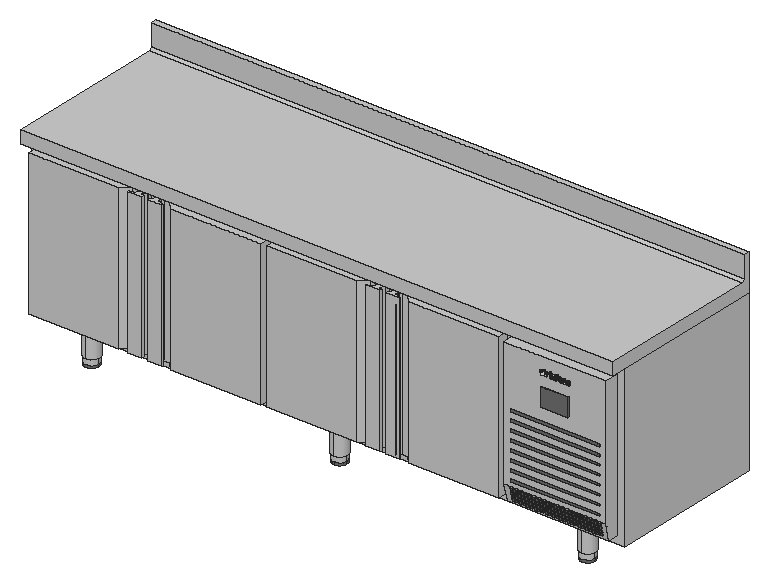
Revit family "QF_INFRICO_BMGN2450BT_250808031524", category Specialty Equipment, Revit 2021
Family settings
  Round Connector Dimension = Use Diameter
  Part Type = Normal
  OmniClass Number = 23.40.40.14
  OmniClass Title = Food Service Equipment
  Work Plane-Based = No
  Always vertical = Yes
  Cut with Voids When Loaded = No
  Shared = No
  Room Calculation Point = No
Parameters (values of type "BMGN2450BT")
  Weight [instance] = 200.00 kg
  Waste Water Discharge Temperature [instance] = 0 °C
  Waste Remarks [instance] = ""
  Warranty Start Date [instance] = ""
  Warranty Duration [instance] = ""
  Volts [instance] = 230 V
  Volt Free Conn [instance] = no
  URL Recommended Spares List [instance] = ""
  URL Manufacturer [instance] = ""
  URL Cutsheet [instance] = ""
  URL Critical Spares List [instance] = ""
  URL = "www.infrico.com"
  Technical Documentation [instance] = ""
  Tag Number [instance] = ""
  Status [instance] = ""
  Start Up Current [instance] = 0 A
  Specification by User [instance] = ""
  Specification by Manufacturer [instance] = ""
  Sound Level [instance] = ""
  Show Logo [instance] = yes
  Show Clearances [instance] = yes
  Service Life Duration [instance] = ""
  Serial Number [instance] = ""
  Seismic Rating [instance] = ""
  SMACNA No [instance] = ""
  Revision Code [instance] = ""
  Revision [instance] = ""
  Production Year [instance] = ""
  Potential Equalisation [instance] = no
  Point Load [instance] = 0
  Plumbing Connection Type [instance] = ""
  Phase [instance] = 1
  Other Equipment Approvals [instance] = ""
  Operational Current [instance] = 0 A
  Number of Poles [instance] = 2
  No Load Power Draw [instance] = no
  NAFEM Spec ID Number [instance] = ""
  Model Warning [instance] = ""
  Model = "BMGN2450BT"
  Min Ckt Ampacity [instance] = 0 A
  Max Overcurrent Protection [instance] = 0 A
  Masterspec [instance] = ""
  Manufacturer = "INFRICO"
  Main switch integrated [instance] = no
  Length Actual [instance] = 2452 mm
  Item Number [instance] = ""
  Installed By [instance] = ""
  Installation Date [instance] = ""
  Indirect Waste Size [instance] = 19.05 mm
  Indirect Waste Remarks [instance] = ""
  Indirect Waste Flow [instance] = 0.0 L/s
  Indirect Waste Connection Type [instance] = ""
  Indirect Waste Connection Height [instance] = 0 mm
  Identify Quantity as Lot [instance] = no
  ID [instance] = ""
  Hygiene Approval [instance] = ""
  Height Actual [instance] = 850 mm
  HP power [instance] = ""
  Furnished By [instance] = ""
  Foodservice Equipment Identifier [instance] = no
  FL Amps [instance] = 0 A
  Electrical Remarks [instance] = ""
  Electric power [instance] = 690 W
  Electric Connection Type [instance] = ""
  Elec Conn RI Height [instance] = 0 mm
  Elec Conn Connection Height [instance] = 0 mm
  ETL Approved [instance] = no
  Direct Waste Water Discharge Temperature [instance] = -273.15 °C
  Direct Waste Size [instance] = 19.05 mm
  Direct Waste RI Height [instance] = 0 mm
  Direct Waste Flow [instance] = 0.0 L/s
  Direct Waste Connection Height [instance] = 0 mm
  Description = "UNDERCOUNTER FREEZER SERIE 700 - R290"
  Depth Actual [instance] = 700 mm
  Default Elevation = 0 mm
  Cycle [instance] = 50 Hz
  Cost = 0
  Connection to energy optimisation system [instance] = yes
  Conn Plug [instance] = ""
  Conn Conduit [instance] = no
  Centralized building control system with digital interface [instance] = ""
  CSI MasterFormat [instance] = ""
  CE Approved [instance] = no
  Barcode [instance] = 0
  Author [instance] = ""
  Asset Identifier [instance] = ""
  Apparent Power [instance] = 690 VA
  Accessory [instance] = no
Reference planes
  plane 1 "Center (Front/Back)": y = 0
  plane 2: z = 0
  plane 3 "Center (Left/Right)": x = 0
Forms (mm)
  Extrusion 1, solid, not visible
    sketch origin (1033.05, -112.005, 142.007) x (1, 0, 0) y (0, 1, 0)
      loop
        line (-2, 2) -> (-2, -2) -> (2, -2) -> (2, 2) -> (-2, 2)
    from -2 to 2
  Extrusion 2, solid, not visible
    sketch origin (2309.613, -61.503, 142.007) x (1, 0, 0) y (0, 1, 0)
      loop
        line (-2, 2) -> (-2, -2) -> (2, -2) -> (2, 2) -> (-2, 2)
    from -2 to 2
Dimensions and locks
  locked: nested 2 to Extrusion 1 at 2  (x2)
  locked: nested 3 to Extrusion 2 at 2  (x2)
  aligned and locked: level to plane 2
Nested families
  nested 1: "QF_INFRICO_BMGN2450_2920" at (0, 0, 140), type "BMGN2450BT"
    with Weight 200.00 kg, Warranty Start Date "", Warranty Duration "", URL Cutsheet "", Technical Documentation "", Tag Number "", Status "", Specification by User "", Specification by Manufacturer "", Sound Level "", Solid Fuel Type "", Show Logo yes, Show Clearances yes, Show Clearance yes, Service Life Duration "", Serial Number "", Seismic Rating "", SMACNA No "", Revision Code "", Revision "", Production Year "", Point Load 0, Other Equipment Approvals "", NAFEM Spec ID Number "", Model Warning "", Masterspec "", Length Actual 2452 mm, Item Number "", Installed By "", Installation Date "", Identify Quantity as Lot yes, ID "", Hygiene Approval "", Height Actual 850 mm, Furnished By "", Foodservice Equipment Identifier yes, ETL Approved yes, Depth Actual 700 mm, CSI MasterFormat "", CE Approved no, Barcode "", Author "", Asset Identifier "", Accessory no
  nested 2: "CONN_POINT_DRAIN_2D___Generic_Annotation" at (1033.05, -112.005, 140.007), type "CONN_POINT_DRAIN_2D___Generic_Annotation"
    with Onboard connection annotation symbol visibility yes
  nested 3: "CONN_POINT_ELE_2D___Generic_Annotation" at (2309.613, -61.503, 140.007), type "CONN_POINT_ELE_2D___Generic_Annotation"
    with Onboard connection annotation symbol visibility yes
  nested 4: "QF_INFRICO_BMGN_DOOR_SX_4860" at (22, -638, 168), type "BMGN_DOOR_SX"
    with Weight 0.00 kg, Warranty Start Date "", Warranty Duration "", URL Cutsheet "", Technical Documentation "", Tag Number "", Status "", Specification by User "", Specification by Manufacturer "", Sound Level "", Solid Fuel Type "", Show Logo yes, Show Clearances yes, Show Clearance yes, Service Life Duration "", Serial Number "", Seismic Rating "", SMACNA No "", Revision Code "", Revision "", Production Year "", Point Load 0, Other Equipment Approvals "", NAFEM Spec ID Number "", Model Warning "", Masterspec "", Length Actual 467 mm, Item Number "", Installed By "", Installation Date "", Identify Quantity as Lot yes, ID "", Hygiene Approval "", Height Actual 597 mm, Furnished By "", Foodservice Equipment Identifier yes, ETL Approved yes, Depth Actual 54 mm, CSI MasterFormat "", CE Approved no, Barcode "", Author "", Asset Identifier "", Accessory yes
  nested 5: "QF_INFRICO_BMGN_DOOR_DX_5641" at (514, -638, 168), type "BMGN_DOOR_DX"
    with Weight 0.00 kg, Warranty Start Date "", Warranty Duration "", URL Cutsheet "", Technical Documentation "", Tag Number "", Status "", Specification by User "", Specification by Manufacturer "", Sound Level "", Solid Fuel Type "", Show Logo yes, Show Clearances yes, Show Clearance yes, Service Life Duration "", Serial Number "", Seismic Rating "", SMACNA No "", Revision Code "", Revision "", Production Year "", Point Load 0, Other Equipment Approvals "", NAFEM Spec ID Number "", Model Warning "", Masterspec "", Length Actual 467 mm, Item Number "", Installed By "", Installation Date "", Identify Quantity as Lot yes, ID "", Hygiene Approval "", Height Actual 597 mm, Furnished By "", Foodservice Equipment Identifier yes, ETL Approved yes, Depth Actual 54 mm, CSI MasterFormat "", CE Approved no, Barcode "", Author "", Asset Identifier "", Accessory yes
  nested 6: "QF_INFRICO_BMGN_DOOR_SX_6418" at (1006, -638, 168), type "BMGN_DOOR_SX"
    with Weight 0.00 kg, Warranty Start Date "", Warranty Duration "", URL Cutsheet "", Technical Documentation "", Tag Number "", Status "", Specification by User "", Specification by Manufacturer "", Sound Level "", Solid Fuel Type "", Show Logo yes, Show Clearances yes, Show Clearance yes, Service Life Duration "", Serial Number "", Seismic Rating "", SMACNA No "", Revision Code "", Revision "", Production Year "", Point Load 0, Other Equipment Approvals "", NAFEM Spec ID Number "", Model Warning "", Masterspec "", Length Actual 467 mm, Item Number "", Installed By "", Installation Date "", Identify Quantity as Lot yes, ID "", Hygiene Approval "", Height Actual 597 mm, Furnished By "", Foodservice Equipment Identifier yes, ETL Approved yes, Depth Actual 54 mm, CSI MasterFormat "", CE Approved no, Barcode "", Author "", Asset Identifier "", Accessory yes
  nested 7: "QF_INFRICO_BMGN_DOOR_DX_7195" at (1498, -638, 168), type "BMGN_DOOR_DX"
    with Weight 0.00 kg, Warranty Start Date "", Warranty Duration "", URL Cutsheet "", Technical Documentation "", Tag Number "", Status "", Specification by User "", Specification by Manufacturer "", Sound Level "", Solid Fuel Type "", Show Logo yes, Show Clearances yes, Show Clearance yes, Service Life Duration "", Serial Number "", Seismic Rating "", SMACNA No "", Revision Code "", Revision "", Production Year "", Point Load 0, Other Equipment Approvals "", NAFEM Spec ID Number "", Model Warning "", Masterspec "", Length Actual 467 mm, Item Number "", Installed By "", Installation Date "", Identify Quantity as Lot yes, ID "", Hygiene Approval "", Height Actual 597 mm, Furnished By "", Foodservice Equipment Identifier yes, ETL Approved yes, Depth Actual 54 mm, CSI MasterFormat "", CE Approved no, Barcode "", Author "", Asset Identifier "", Accessory yes
  nested 8: "QF_INFRICO_WORKTOP_BACKSPLASH_7972" at (0, 0, 800), type "ENC12CPGN24"
    with Weight 0.00 kg, Warranty Start Date "", Warranty Duration "", URL Cutsheet "", Technical Documentation "", Tag Number "", Status "", Specification by User "", Specification by Manufacturer "", Sound Level "", Solid Fuel Type "", Show Logo yes, Show Clearances yes, Show Clearance yes, Service Life Duration "", Serial Number "", Seismic Rating "", SMACNA No "", Revision Code "", Revision "", Production Year "", Point Load 0, Other Equipment Approvals "", NAFEM Spec ID Number "", Model Warning "", Masterspec "", Length Actual 2452 mm, Item Number "", Installed By "", Installation Date "", Identify Quantity as Lot yes, ID "", Hygiene Approval "", Height Actual 150 mm, Furnished By "", Foodservice Equipment Identifier yes, ETL Approved yes, Depth Actual 700 mm, CSI MasterFormat "", CE Approved no, Barcode "", Author "", Asset Identifier "", Accessory yes
  nested 9: "QF_INFRICO_LEGS_8808" at (0, 0, 0), type "LEGS_2450_700"
    with Weight 0.00 kg, Warranty Start Date "", Warranty Duration "", URL Cutsheet "", Technical Documentation "", Tag Number "", Status "", Specification by User "", Specification by Manufacturer "", Sound Level "", Solid Fuel Type "", Show Logo yes, Show Clearances yes, Show Clearance yes, Service Life Duration "", Serial Number "", Seismic Rating "", SMACNA No "", Revision Code "", Revision "", Production Year "", Point Load 0, Other Equipment Approvals "", NAFEM Spec ID Number "", Model Warning "", Masterspec "", Length Actual 2452 mm, Item Number "", Installed By "", Installation Date "", Identify Quantity as Lot yes, ID "", Hygiene Approval "", Height Actual 140 mm, Furnished By "", Foodservice Equipment Identifier yes, ETL Approved yes, Depth Actual 700 mm, CSI MasterFormat "", CE Approved no, Barcode "", Author "", Asset Identifier "", Accessory yes
Connectors
  piping at (1033.05, -112.005, 140.007), diameter 19.05, driven by "Indirect Waste Size", driven by "Direct Waste Flow"
    settings: on Extrusion 1, index 1, connector inside diameter 609.6 mm, connector length 0 mm, flow factor 0, pipe flow 0.0 L/s, pressure drop 0.0 Pa, fitting loss kfactor 0, connector angle 0.00°, fixture units 0, engagement length 0 mm, angle of deflection 0.00°, flow configuration 1, flow direction 2, fitting loss method 0, system type 16, joint type 0, gender type 0, connector reference index -1, connector utility 0, adjustable connector no, is connector primary yes, connector description "Waste connection for BMGN2450BT"
  electrical at (2309.613, -61.503, 140.007), driven by "Apparent Power", driven by "Number of Poles", driven by "Volts"
    settings: on Extrusion 2, index 2, voltage 230 V, apparent load 0 VA, apparent load phase1 690 VA, apparent load phase2 0 VA, apparent load phase3 0 VA, power factor 1, load classification "Other", number of poles 2, system type 31, power factor state 1, is connector primary yes, connector utility no, sub classification motor no, connector description "Electrical connection for BMGN2450BT"
Definition of nested family "QF_INFRICO_BMGN2450_2920"
  Parameters (values of type "BMGN2450CR-R290")
    Weight [instance] = 0.00 kg
    Warranty Start Date [instance] = ""
    Warranty Duration [instance] = ""
    URL Cutsheet [instance] = ""
    URL = "www.infrico.com"
    Technical Documentation [instance] = ""
    Tag Number [instance] = ""
    Status [instance] = ""
    Specification by User [instance] = ""
    Specification by Manufacturer [instance] = ""
    Sound Level [instance] = ""
    Solid Fuel Type [instance] = ""
    Show Logo [instance] = yes
    Show Clearances [instance] = yes
    Show Clearance [instance] = yes
    Service Life Duration [instance] = ""
    Serial Number [instance] = ""
    Seismic Rating [instance] = ""
    SMACNA No [instance] = ""
    Revision Code [instance] = ""
    Revision [instance] = ""
    Production Year [instance] = ""
    Point Load [instance] = 0
    Other Equipment Approvals [instance] = ""
    NAFEM Spec ID Number [instance] = ""
    Model Warning [instance] = ""
    Model = "BMGN2450CR"
    Masterspec [instance] = ""
    Manufacturer = "INFRICO"
    Length Actual [instance] = 0 mm
    Item Number [instance] = ""
    Installed By [instance] = ""
    Installation Date [instance] = ""
    Identify Quantity as Lot [instance] = yes
    ID [instance] = ""
    Hygiene Approval [instance] = ""
    Height Actual [instance] = 0 mm
    Furnished By [instance] = ""
    Foodservice Equipment Identifier [instance] = yes
    ETL Approved [instance] = yes
    Description = "GN1/1 GLASS DOOR UNDERCOUNTER REFRIGERATOR 700 SERIES - R290"
    Depth Actual [instance] = 0 mm
    Default Elevation = 0 mm
    CSI MasterFormat [instance] = ""
    CE Approved [instance] = yes
    Barcode [instance] = ""
    Author [instance] = ""
    Asset Identifier [instance] = ""
    Assembly Code = "E1090320"
    Accessory [instance] = yes
  Types (7, lengths in mm): name | Model | Description
    BMGN2450II | "BMGN2450II" | "GN1/1 UNDERCOUNTER REFRIGERATOR 700 SERIES - R134A"
    BMGN2450BT | "BMGN2450BT" | "UNDERCOUNTER FREEZER SERIE 700 - R290"
    BMGN2450F | "BMGN2450F" | "GN1/1 SINK UNDERCOUNTER REFRIGERATOR 700 SERIES - R134A"
    BMGN2450CR | "BMGN2450CR" | "GN1/1 GLASS DOOR UNDERCOUNTER REFRIGERATOR 700 SERIES - R134A"
    BMGN2450II-R290 | "BMGN2450II" | "GN1/1 UNDERCOUNTER REFRIGERATOR 700 SERIES - R290"
    BMGN2450CR-R290 | "BMGN2450CR" | "GN1/1 GLASS DOOR UNDERCOUNTER REFRIGERATOR 700 SERIES - R290"
    BMGN2450F-R290 | "BMGN2450F" | "GN1/1 SINK UNDERCOUNTER REFRIGERATOR 700 SERIES - R290"
  Reference planes
    plane 1 "Back": y = 0
    plane 2: z = 0
    plane 3 "Left": x = 0
    plane 4 "Right": x = 2452
    plane 5 "Front": y = -700
    plane 6 "Top": z = 660
  Forms (mm)
    Extrusion 1, solid
      sketch origin (984, 0, -140) x (0, 1, 0) y (0, 0, 1)
        loop
          line (-638.02, 765.292) -> (-695.03, 765.292) -> (-695.03, 238.436) -> (-678.769, 168) -> (-638.02, 168) -> (-638.02, 765.292)
      from 1013.993 to 1433.993
    Extrusion 2, void
      sketch origin (0, 0, -140) x (1, 0, 0) y (0, 0, 1)
        loop
          line (60, 200) -> (1900, 200) -> (1900, 740) -> (60, 740) -> (60, 200)
      from 60 to 638.02
    Extrusion 3, solid
      sketch origin (-1016, -693.13, -140) x (1, 0, 0) y (0, 0, 1)
        loop
          line (3408.016, 523.949) -> (3040.73, 523.949) -> (3040.73, 514.949) -> (3408.016, 514.949) -> (3408.016, 523.949)
        loop
          line (3408.016, 486.949) -> (3040.73, 486.949) -> (3040.73, 477.949) -> (3408.016, 477.949) -> (3408.016, 486.949)
        loop
          line (3408.016, 449.949) -> (3040.73, 449.949) -> (3040.73, 440.949) -> (3408.016, 440.949) -> (3408.016, 449.949)
        loop
          line (3408.016, 412.949) -> (3040.73, 412.949) -> (3040.73, 403.949) -> (3408.016, 403.949) -> (3408.016, 412.949)
        loop
          line (3408.016, 375.949) -> (3040.73, 375.949) -> (3040.73, 366.949) -> (3408.016, 366.949) -> (3408.016, 375.949)
        loop
          line (3408.016, 338.949) -> (3040.73, 338.949) -> (3040.73, 329.949) -> (3408.016, 329.949) -> (3408.016, 338.949)
        loop
          line (3408.016, 301.949) -> (3040.73, 301.949) -> (3040.73, 292.949) -> (3408.016, 292.949) -> (3408.016, 301.949)
        loop
          line (3408.016, 264.949) -> (3040.73, 264.949) -> (3040.73, 255.949) -> (3408.016, 255.949) -> (3408.016, 264.949)
      from 0 to 2
    Extrusion 4, solid
      sketch origin (-1016, -639.263, -134.673) x (1, 0, 0) y (0, -0.224951, 0.97437)
        loop
          line (3036.73, 215.974) -> (3036.73, 205.974) -> (3046.73, 205.974) -> (3046.73, 215.974) -> (3036.73, 215.974)
        loop
          line (3036.73, 230.769) -> (3036.73, 220.769) -> (3046.73, 220.769) -> (3046.73, 230.769) -> (3036.73, 230.769)
        loop
          line (3036.73, 186.385) -> (3036.73, 176.385) -> (3046.73, 176.385) -> (3046.73, 186.385) -> (3036.73, 186.385)
        loop
          line (3036.73, 201.179) -> (3036.73, 191.179) -> (3046.73, 191.179) -> (3046.73, 201.179) -> (3036.73, 201.179)
        loop
          line (3051.938, 215.974) -> (3051.938, 205.974) -> (3061.938, 205.974) -> (3061.938, 215.974) -> (3051.938, 215.974)
        loop
          line (3051.938, 230.769) -> (3051.938, 220.769) -> (3061.938, 220.769) -> (3061.938, 230.769) -> (3051.938, 230.769)
        loop
          line (3051.938, 186.385) -> (3051.938, 176.385) -> (3061.938, 176.385) -> (3061.938, 186.385) -> (3051.938, 186.385)
        loop
          line (3051.938, 201.179) -> (3051.938, 191.179) -> (3061.938, 191.179) -> (3061.938, 201.179) -> (3051.938, 201.179)
        loop
          line (3067.147, 215.974) -> (3067.147, 205.974) -> (3077.147, 205.974) -> (3077.147, 215.974) -> (3067.147, 215.974)
        loop
          line (3067.147, 230.769) -> (3067.147, 220.769) -> (3077.147, 220.769) -> (3077.147, 230.769) -> (3067.147, 230.769)
        loop
          line (3067.147, 186.385) -> (3067.147, 176.385) -> (3077.147, 176.385) -> (3077.147, 186.385) -> (3067.147, 186.385)
        loop
          line (3067.147, 201.179) -> (3067.147, 191.179) -> (3077.147, 191.179) -> (3077.147, 201.179) -> (3067.147, 201.179)
        loop
          line (3082.355, 215.974) -> (3082.355, 205.974) -> (3092.355, 205.974) -> (3092.355, 215.974) -> (3082.355, 215.974)
        loop
          line (3082.355, 230.769) -> (3082.355, 220.769) -> (3092.355, 220.769) -> (3092.355, 230.769) -> (3082.355, 230.769)
        loop
          line (3082.355, 186.385) -> (3082.355, 176.385) -> (3092.355, 176.385) -> (3092.355, 186.385) -> (3082.355, 186.385)
        loop
          line (3082.355, 201.179) -> (3082.355, 191.179) -> (3092.355, 191.179) -> (3092.355, 201.179) -> (3082.355, 201.179)
        loop
          line (3097.563, 215.974) -> (3097.563, 205.974) -> (3107.563, 205.974) -> (3107.563, 215.974) -> (3097.563, 215.974)
        loop
          line (3097.563, 230.769) -> (3097.563, 220.769) -> (3107.563, 220.769) -> (3107.563, 230.769) -> (3097.563, 230.769)
        loop
          line (3097.563, 186.385) -> (3097.563, 176.385) -> (3107.563, 176.385) -> (3107.563, 186.385) -> (3097.563, 186.385)
        loop
          line (3097.563, 201.179) -> (3097.563, 191.179) -> (3107.563, 191.179) -> (3107.563, 201.179) -> (3097.563, 201.179)
        loop
          line (3112.772, 215.974) -> (3112.772, 205.974) -> (3122.772, 205.974) -> (3122.772, 215.974) -> (3112.772, 215.974)
        loop
          line (3112.772, 230.769) -> (3112.772, 220.769) -> (3122.772, 220.769) -> (3122.772, 230.769) -> (3112.772, 230.769)
        loop
          line (3112.772, 186.385) -> (3112.772, 176.385) -> (3122.772, 176.385) -> (3122.772, 186.385) -> (3112.772, 186.385)
        loop
          line (3112.772, 201.179) -> (3112.772, 191.179) -> (3122.772, 191.179) -> (3122.772, 201.179) -> (3112.772, 201.179)
        loop
          line (3127.98, 215.974) -> (3127.98, 205.974) -> (3137.98, 205.974) -> (3137.98, 215.974) -> (3127.98, 215.974)
        loop
          line (3127.98, 230.769) -> (3127.98, 220.769) -> (3137.98, 220.769) -> (3137.98, 230.769) -> (3127.98, 230.769)
        loop
          line (3127.98, 186.385) -> (3127.98, 176.385) -> (3137.98, 176.385) -> (3137.98, 186.385) -> (3127.98, 186.385)
        loop
          line (3127.98, 201.179) -> (3127.98, 191.179) -> (3137.98, 191.179) -> (3137.98, 201.179) -> (3127.98, 201.179)
        loop
          line (3143.188, 215.974) -> (3143.188, 205.974) -> (3153.188, 205.974) -> (3153.188, 215.974) -> (3143.188, 215.974)
        loop
          line (3143.188, 230.769) -> (3143.188, 220.769) -> (3153.188, 220.769) -> (3153.188, 230.769) -> (3143.188, 230.769)
        loop
          line (3143.188, 186.385) -> (3143.188, 176.385) -> (3153.188, 176.385) -> (3153.188, 186.385) -> (3143.188, 186.385)
        loop
          line (3143.188, 201.179) -> (3143.188, 191.179) -> (3153.188, 191.179) -> (3153.188, 201.179) -> (3143.188, 201.179)
        loop
          line (3158.397, 215.974) -> (3158.397, 205.974) -> (3168.397, 205.974) -> (3168.397, 215.974) -> (3158.397, 215.974)
        loop
          line (3158.397, 230.769) -> (3158.397, 220.769) -> (3168.397, 220.769) -> (3168.397, 230.769) -> (3158.397, 230.769)
        loop
          line (3158.397, 186.385) -> (3158.397, 176.385) -> (3168.397, 176.385) -> (3168.397, 186.385) -> (3158.397, 186.385)
        loop
          line (3158.397, 201.179) -> (3158.397, 191.179) -> (3168.397, 191.179) -> (3168.397, 201.179) -> (3158.397, 201.179)
        loop
          line (3173.605, 215.974) -> (3173.605, 205.974) -> (3183.605, 205.974) -> (3183.605, 215.974) -> (3173.605, 215.974)
        loop
          line (3173.605, 230.769) -> (3173.605, 220.769) -> (3183.605, 220.769) -> (3183.605, 230.769) -> (3173.605, 230.769)
        loop
          line (3173.605, 186.385) -> (3173.605, 176.385) -> (3183.605, 176.385) -> (3183.605, 186.385) -> (3173.605, 186.385)
        loop
          line (3173.605, 201.179) -> (3173.605, 191.179) -> (3183.605, 191.179) -> (3183.605, 201.179) -> (3173.605, 201.179)
        loop
          line (3188.813, 215.974) -> (3188.813, 205.974) -> (3198.813, 205.974) -> (3198.813, 215.974) -> (3188.813, 215.974)
        loop
          line (3188.813, 230.769) -> (3188.813, 220.769) -> (3198.813, 220.769) -> (3198.813, 230.769) -> (3188.813, 230.769)
        loop
          line (3188.813, 186.385) -> (3188.813, 176.385) -> (3198.813, 176.385) -> (3198.813, 186.385) -> (3188.813, 186.385)
        loop
          line (3188.813, 201.179) -> (3188.813, 191.179) -> (3198.813, 191.179) -> (3198.813, 201.179) -> (3188.813, 201.179)
        loop
          line (3204.022, 215.974) -> (3204.022, 205.974) -> (3214.022, 205.974) -> (3214.022, 215.974) -> (3204.022, 215.974)
        loop
          line (3204.022, 230.769) -> (3204.022, 220.769) -> (3214.022, 220.769) -> (3214.022, 230.769) -> (3204.022, 230.769)
        loop
          line (3204.022, 186.385) -> (3204.022, 176.385) -> (3214.022, 176.385) -> (3214.022, 186.385) -> (3204.022, 186.385)
        loop
          line (3204.022, 201.179) -> (3204.022, 191.179) -> (3214.022, 191.179) -> (3214.022, 201.179) -> (3204.022, 201.179)
        loop
          line (3219.23, 215.974) -> (3219.23, 205.974) -> (3229.23, 205.974) -> (3229.23, 215.974) -> (3219.23, 215.974)
        loop
          line (3219.23, 230.769) -> (3219.23, 220.769) -> (3229.23, 220.769) -> (3229.23, 230.769) -> (3219.23, 230.769)
        loop
          line (3219.23, 186.385) -> (3219.23, 176.385) -> (3229.23, 176.385) -> (3229.23, 186.385) -> (3219.23, 186.385)
        loop
          line (3219.23, 201.179) -> (3219.23, 191.179) -> (3229.23, 191.179) -> (3229.23, 201.179) -> (3219.23, 201.179)
        loop
          line (3234.438, 215.974) -> (3234.438, 205.974) -> (3244.438, 205.974) -> (3244.438, 215.974) -> (3234.438, 215.974)
        loop
          line (3234.438, 230.769) -> (3234.438, 220.769) -> (3244.438, 220.769) -> (3244.438, 230.769) -> (3234.438, 230.769)
        loop
          line (3234.438, 186.385) -> (3234.438, 176.385) -> (3244.438, 176.385) -> (3244.438, 186.385) -> (3234.438, 186.385)
        loop
          line (3234.438, 201.179) -> (3234.438, 191.179) -> (3244.438, 191.179) -> (3244.438, 201.179) -> (3234.438, 201.179)
        loop
          line (3249.647, 215.974) -> (3249.647, 205.974) -> (3259.647, 205.974) -> (3259.647, 215.974) -> (3249.647, 215.974)
        loop
          line (3249.647, 230.769) -> (3249.647, 220.769) -> (3259.647, 220.769) -> (3259.647, 230.769) -> (3249.647, 230.769)
        loop
          line (3249.647, 186.385) -> (3249.647, 176.385) -> (3259.647, 176.385) -> (3259.647, 186.385) -> (3249.647, 186.385)
        loop
          line (3249.647, 201.179) -> (3249.647, 191.179) -> (3259.647, 191.179) -> (3259.647, 201.179) -> (3249.647, 201.179)
        loop
          line (3264.855, 215.974) -> (3264.855, 205.974) -> (3274.855, 205.974) -> (3274.855, 215.974) -> (3264.855, 215.974)
        loop
          line (3264.855, 230.769) -> (3264.855, 220.769) -> (3274.855, 220.769) -> (3274.855, 230.769) -> (3264.855, 230.769)
        loop
          line (3264.855, 186.385) -> (3264.855, 176.385) -> (3274.855, 176.385) -> (3274.855, 186.385) -> (3264.855, 186.385)
        loop
          line (3264.855, 201.179) -> (3264.855, 191.179) -> (3274.855, 191.179) -> (3274.855, 201.179) -> (3264.855, 201.179)
        loop
          line (3280.063, 215.974) -> (3280.063, 205.974) -> (3290.063, 205.974) -> (3290.063, 215.974) -> (3280.063, 215.974)
        loop
          line (3280.063, 230.769) -> (3280.063, 220.769) -> (3290.063, 220.769) -> (3290.063, 230.769) -> (3280.063, 230.769)
        loop
          line (3280.063, 186.385) -> (3280.063, 176.385) -> (3290.063, 176.385) -> (3290.063, 186.385) -> (3280.063, 186.385)
        loop
          line (3280.063, 201.179) -> (3280.063, 191.179) -> (3290.063, 191.179) -> (3290.063, 201.179) -> (3280.063, 201.179)
        loop
          line (3295.272, 215.974) -> (3295.272, 205.974) -> (3305.272, 205.974) -> (3305.272, 215.974) -> (3295.272, 215.974)
        loop
          line (3295.272, 230.769) -> (3295.272, 220.769) -> (3305.272, 220.769) -> (3305.272, 230.769) -> (3295.272, 230.769)
        loop
          line (3295.272, 186.385) -> (3295.272, 176.385) -> (3305.272, 176.385) -> (3305.272, 186.385) -> (3295.272, 186.385)
        loop
          line (3295.272, 201.179) -> (3295.272, 191.179) -> (3305.272, 191.179) -> (3305.272, 201.179) -> (3295.272, 201.179)
        loop
          line (3310.48, 215.974) -> (3310.48, 205.974) -> (3320.48, 205.974) -> (3320.48, 215.974) -> (3310.48, 215.974)
        loop
          line (3310.48, 230.769) -> (3310.48, 220.769) -> (3320.48, 220.769) -> (3320.48, 230.769) -> (3310.48, 230.769)
        loop
          line (3310.48, 186.385) -> (3310.48, 176.385) -> (3320.48, 176.385) -> (3320.48, 186.385) -> (3310.48, 186.385)
        loop
          line (3310.48, 201.179) -> (3310.48, 191.179) -> (3320.48, 191.179) -> (3320.48, 201.179) -> (3310.48, 201.179)
        loop
          line (3325.688, 215.974) -> (3325.688, 205.974) -> (3335.688, 205.974) -> (3335.688, 215.974) -> (3325.688, 215.974)
        loop
          line (3325.688, 230.769) -> (3325.688, 220.769) -> (3335.688, 220.769) -> (3335.688, 230.769) -> (3325.688, 230.769)
        loop
          line (3325.688, 186.385) -> (3325.688, 176.385) -> (3335.688, 176.385) -> (3335.688, 186.385) -> (3325.688, 186.385)
        loop
          line (3325.688, 201.179) -> (3325.688, 191.179) -> (3335.688, 191.179) -> (3335.688, 201.179) -> (3325.688, 201.179)
        loop
          line (3340.897, 215.974) -> (3340.897, 205.974) -> (3350.897, 205.974) -> (3350.897, 215.974) -> (3340.897, 215.974)
        loop
          line (3340.897, 230.769) -> (3340.897, 220.769) -> (3350.897, 220.769) -> (3350.897, 230.769) -> (3340.897, 230.769)
        loop
          line (3340.897, 186.385) -> (3340.897, 176.385) -> (3350.897, 176.385) -> (3350.897, 186.385) -> (3340.897, 186.385)
        loop
          line (3340.897, 201.179) -> (3340.897, 191.179) -> (3350.897, 191.179) -> (3350.897, 201.179) -> (3340.897, 201.179)
        loop
          line (3356.105, 215.974) -> (3356.105, 205.974) -> (3366.105, 205.974) -> (3366.105, 215.974) -> (3356.105, 215.974)
        loop
          line (3356.105, 230.769) -> (3356.105, 220.769) -> (3366.105, 220.769) -> (3366.105, 230.769) -> (3356.105, 230.769)
        loop
          line (3356.105, 186.385) -> (3356.105, 176.385) -> (3366.105, 176.385) -> (3366.105, 186.385) -> (3356.105, 186.385)
        loop
          line (3356.105, 201.179) -> (3356.105, 191.179) -> (3366.105, 191.179) -> (3366.105, 201.179) -> (3356.105, 201.179)
        loop
          line (3371.313, 215.974) -> (3371.313, 205.974) -> (3381.313, 205.974) -> (3381.313, 215.974) -> (3371.313, 215.974)
        loop
          line (3371.313, 230.769) -> (3371.313, 220.769) -> (3381.313, 220.769) -> (3381.313, 230.769) -> (3371.313, 230.769)
        loop
          line (3371.313, 186.385) -> (3371.313, 176.385) -> (3381.313, 176.385) -> (3381.313, 186.385) -> (3371.313, 186.385)
        loop
          line (3371.313, 201.179) -> (3371.313, 191.179) -> (3381.313, 191.179) -> (3381.313, 201.179) -> (3371.313, 201.179)
        loop
          line (3386.522, 215.974) -> (3386.522, 205.974) -> (3396.522, 205.974) -> (3396.522, 215.974) -> (3386.522, 215.974)
        loop
          line (3386.522, 230.769) -> (3386.522, 220.769) -> (3396.522, 220.769) -> (3396.522, 230.769) -> (3386.522, 230.769)
        loop
          line (3386.522, 186.385) -> (3386.522, 176.385) -> (3396.522, 176.385) -> (3396.522, 186.385) -> (3386.522, 186.385)
        loop
          line (3386.522, 201.179) -> (3386.522, 191.179) -> (3396.522, 191.179) -> (3396.522, 201.179) -> (3386.522, 201.179)
        loop
          line (3401.73, 215.974) -> (3401.73, 205.974) -> (3411.73, 205.974) -> (3411.73, 215.974) -> (3401.73, 215.974)
        loop
          line (3401.73, 230.769) -> (3401.73, 220.769) -> (3411.73, 220.769) -> (3411.73, 230.769) -> (3401.73, 230.769)
        loop
          line (3401.73, 186.385) -> (3401.73, 176.385) -> (3411.73, 176.385) -> (3411.73, 186.385) -> (3401.73, 186.385)
        loop
          line (3401.73, 201.179) -> (3401.73, 191.179) -> (3411.73, 191.179) -> (3411.73, 201.179) -> (3401.73, 201.179)
      from 0 to 2
    Extrusion 5, solid, visible <- "Show Logo"
      sketch origin (983.014, -693.13, -140) x (1, 0, 0) y (0, 0, 1)
        loop
          line (1208.799, 696.53) -> (1208.799, 719.204) -> (1204.173, 719.204) -> (1204.173, 696.53) -> (1208.799, 696.53)
        loop
          line (1214.779, 713.006) -> (1211.283, 713.006) -> (1211.283, 696.53) -> (1215.772, 696.53) -> (1215.772, 707.832)
          arc (1215.772, 707.832) -> (1217.528, 708.741) -> (1219.417, 709.324) r 11.052
          arc (1219.417, 709.324) -> (1220.929, 708.961) -> (1221.598, 707.557) r 1.806
          line (1221.598, 707.557) -> (1221.598, 696.53) -> (1226.121, 696.53) -> (1226.121, 708.689)
          arc (1226.121, 708.689) -> (1224.637, 712.075) -> (1221.141, 713.281) r 4.607
          arc (1221.141, 713.281) -> (1218.282, 712.674) -> (1215.669, 711.361) r 11.435
          line (1215.669, 711.361) -> (1215.601, 712.184)
          arc (1215.601, 712.184) -> (1215.36, 712.765) -> (1214.779, 713.006) r 0.822
        loop
          line (1238.557, 720.102) -> (1237.306, 720.102)
          arc (1237.306, 720.102) -> (1235.052, 719.926) -> (1232.881, 719.297) r 11.103
          arc (1232.881, 719.297) -> (1230.805, 717.616) -> (1230.024, 715.062) r 4.567
          line (1230.024, 715.062) -> (1230.024, 712.909) -> (1227.351, 712.703) -> (1227.351, 709.374) -> (1230.024, 709.374) -> (1230.024, 696.53) -> (1234.547, 696.53) -> (1234.547, 709.374) -> (1238.249, 709.374) -> (1238.249, 712.938) -> (1234.547, 712.938) -> (1234.547, 714.548)
          arc (1234.547, 714.548) -> (1234.956, 715.705) -> (1236.045, 716.271) r 1.67
          line (1236.045, 716.271) -> (1237.7, 716.399)
          arc (1237.7, 716.399) -> (1238.306, 716.65) -> (1238.557, 717.255) r 0.857
          line (1238.557, 717.255) -> (1238.557, 720.102)
        loop
          line (1239.479, 713.006) -> (1239.479, 696.53) -> (1243.968, 696.53) -> (1243.968, 707.352)
          arc (1243.968, 707.352) -> (1245.873, 708.631) -> (1248.077, 709.268) r 7.435
          line (1248.077, 709.268) -> (1249.241, 709.416)
          arc (1249.241, 709.416) -> (1249.643, 709.758) -> (1249.793, 710.265) r 0.928
          line (1249.793, 710.265) -> (1249.793, 712.458)
          arc (1249.793, 712.458) -> (1249.531, 713.061) -> (1248.912, 713.28) r 0.824
          arc (1248.912, 713.28) -> (1246.197, 712.588) -> (1243.899, 710.984) r 7.833
          line (1243.899, 710.984) -> (1243.726, 713.006) -> (1239.479, 713.006)
        loop
          line (1255.495, 696.53) -> (1255.495, 713.006) -> (1251.006, 713.006) -> (1251.006, 696.53) -> (1255.495, 696.53)
        loop
          arc (1257.421, 701.327) -> (1258.567, 698.188) -> (1261.466, 696.525) r 4.873
          arc (1261.466, 696.525) -> (1264.493, 696.266) -> (1267.521, 696.525) r 17.816
          arc (1267.521, 696.525) -> (1270.575, 699.134) -> (1271.505, 703.041) r 6.481
          line (1271.505, 703.041) -> (1267.187, 703.041) -> (1267.187, 701.67)
          arc (1267.187, 701.67) -> (1266.64, 700.452) -> (1265.442, 699.865) r 1.965
          arc (1265.442, 699.865) -> (1264.547, 699.816) -> (1263.653, 699.865) r 8.196
          arc (1263.653, 699.865) -> (1262.417, 700.415) -> (1261.91, 701.67) r 1.806
          line (1261.91, 701.67) -> (1261.91, 707.9)
          arc (1261.91, 707.9) -> (1262.417, 709.155) -> (1263.653, 709.705) r 1.806
          arc (1263.653, 709.705) -> (1264.547, 709.754) -> (1265.442, 709.705) r 8.196
          arc (1265.442, 709.705) -> (1266.64, 709.118) -> (1267.187, 707.9) r 1.965
          line (1267.187, 707.9) -> (1267.187, 706.838) -> (1271.505, 706.838)
          arc (1271.505, 706.838) -> (1270.524, 710.556) -> (1267.521, 712.959) r 6.132
          arc (1267.521, 712.959) -> (1264.493, 713.294) -> (1261.466, 712.959) r 13.851
          arc (1261.466, 712.959) -> (1258.571, 711.349) -> (1257.421, 708.243) r 4.772
          line (1257.421, 708.243) -> (1257.421, 701.327)
        loop
          arc (1272.916, 701.329) -> (1273.993, 698.345) -> (1276.726, 696.734) r 4.676
          arc (1276.726, 696.734) -> (1278.515, 696.455) -> (1280.318, 696.291) r 28.371
          arc (1280.318, 696.291) -> (1282.122, 696.455) -> (1283.911, 696.734) r 28.371
          arc (1283.911, 696.734) -> (1286.644, 698.345) -> (1287.72, 701.329) r 4.676
          line (1287.72, 701.329) -> (1287.72, 708.242)
          arc (1287.72, 708.242) -> (1286.644, 711.226) -> (1283.911, 712.837) r 4.676
          arc (1283.911, 712.837) -> (1282.122, 713.116) -> (1280.318, 713.28) r 28.371
          arc (1280.318, 713.28) -> (1278.515, 713.116) -> (1276.726, 712.837) r 28.371
          arc (1276.726, 712.837) -> (1273.993, 711.226) -> (1272.916, 708.242) r 4.676
          line (1272.916, 708.242) -> (1272.916, 701.329)
        loop
          line (1277.405, 707.866) -> (1277.405, 701.705)
          arc (1277.405, 701.705) -> (1277.844, 700.556) -> (1278.936, 699.991) r 1.725
          arc (1278.936, 699.991) -> (1279.627, 699.918) -> (1280.318, 699.856) r 46.133
          arc (1280.318, 699.856) -> (1281.01, 699.918) -> (1281.701, 699.991) r 46.133
          arc (1281.701, 699.991) -> (1282.793, 700.556) -> (1283.231, 701.705) r 1.725
          line (1283.231, 701.705) -> (1283.231, 707.866)
          arc (1283.231, 707.866) -> (1282.793, 709.015) -> (1281.701, 709.58) r 1.725
          arc (1281.701, 709.58) -> (1281.01, 709.653) -> (1280.318, 709.716) r 46.133
          arc (1280.318, 709.716) -> (1279.627, 709.653) -> (1278.936, 709.58) r 46.133
          arc (1278.936, 709.58) -> (1277.844, 709.015) -> (1277.405, 707.866) r 1.725
        loop
          arc (1190.339, 696.543) -> (1191.411, 696.987) -> (1191.856, 698.059) r 1.516
          line (1191.856, 698.059) -> (1191.856, 703.891) -> (1196.035, 703.891)
          arc (1196.035, 703.891) -> (1196.79, 704.121) -> (1197.218, 704.782) r 1.147
          line (1197.218, 704.782) -> (1197.218, 706.211)
          arc (1197.218, 706.211) -> (1196.787, 707.258) -> (1195.719, 707.634) r 1.385
          line (1195.719, 707.634) -> (1194.52, 707.634) -> (1197.218, 710.332)
          arc (1197.218, 710.332) -> (1197.605, 711.266) -> (1197.218, 712.2) r 1.321
          line (1197.218, 712.2) -> (1196.495, 712.923)
          arc (1196.495, 712.923) -> (1195.54, 713.338) -> (1194.558, 712.991) r 1.422
          line (1194.558, 712.991) -> (1191.853, 710.286) -> (1191.853, 711.479)
          arc (1191.853, 711.479) -> (1191.443, 712.516) -> (1190.435, 712.992) r 1.516
          line (1190.435, 712.992) -> (1189.514, 712.992)
          arc (1189.514, 712.992) -> (1188.511, 712.514) -> (1188.103, 711.479) r 1.516
          line (1188.103, 711.479) -> (1188.103, 706.83) -> (1182.073, 701.336) -> (1182.073, 707.509) -> (1185.639, 711.075)
          arc (1185.639, 711.075) -> (1186.053, 712.073) -> (1185.639, 713.071) r 1.412
          line (1185.639, 713.071) -> (1184.987, 713.723)
          arc (1184.987, 713.723) -> (1183.939, 714.141) -> (1182.915, 713.667) r 1.428
          line (1182.915, 713.667) -> (1182.073, 712.825) -> (1182.073, 717.784)
          arc (1182.073, 717.784) -> (1181.658, 718.787) -> (1180.655, 719.203) r 1.418
          line (1180.655, 719.203) -> (1179.726, 719.203)
          arc (1179.726, 719.203) -> (1178.723, 718.787) -> (1178.308, 717.784) r 1.418
          line (1178.308, 717.784) -> (1178.308, 712.825) -> (1177.466, 713.667)
          arc (1177.466, 713.667) -> (1176.442, 714.141) -> (1175.394, 713.723) r 1.428
          line (1175.394, 713.723) -> (1174.742, 713.071)
          arc (1174.742, 713.071) -> (1174.328, 712.073) -> (1174.742, 711.075) r 1.412
          line (1174.742, 711.075) -> (1178.308, 707.509) -> (1178.308, 701.336) -> (1172.278, 706.83) -> (1172.278, 711.479)
          arc (1172.278, 711.479) -> (1171.87, 712.514) -> (1170.867, 712.992) r 1.516
          line (1170.867, 712.992) -> (1169.946, 712.992)
          arc (1169.946, 712.992) -> (1168.938, 712.516) -> (1168.528, 711.479) r 1.516
          line (1168.528, 711.479) -> (1168.528, 710.286) -> (1165.823, 712.991)
          arc (1165.823, 712.991) -> (1164.841, 713.338) -> (1163.886, 712.923) r 1.422
          line (1163.886, 712.923) -> (1163.163, 712.2)
          arc (1163.163, 712.2) -> (1162.776, 711.266) -> (1163.163, 710.332) r 1.321
          line (1163.163, 710.332) -> (1165.861, 707.634) -> (1164.662, 707.634)
          arc (1164.662, 707.634) -> (1163.594, 707.258) -> (1163.163, 706.211) r 1.385
          line (1163.163, 706.211) -> (1163.163, 704.782)
          arc (1163.163, 704.782) -> (1163.591, 704.121) -> (1164.346, 703.891) r 1.147
          line (1164.346, 703.891) -> (1168.525, 703.891) -> (1168.525, 698.059)
          arc (1168.525, 698.059) -> (1168.969, 696.987) -> (1170.042, 696.543) r 1.516
          line (1170.042, 696.543) -> (1190.339, 696.543)
      from 0 to 2
    Extrusion 6, solid
      sketch origin (983.014, 0, -140) x (1, 0, 0) y (0, 0, 1)
        loop
          line (1169.616, 654.3) -> (1169.616, 577.9) -> (1281.216, 577.9) -> (1281.216, 654.3) -> (1169.616, 654.3)
      from 695.03 to 698.23
    Extrusion 7, solid
      sketch origin (984, 0, 0) x (1, 0, 0) y (0, 1, 0)
        loop
          circle (1406.5, -61.5) r 12.7
      from -5 to 0
    Extrusion 8, solid
      sketch origin (0, 0, 0) x (1, 0, 0) y (0, 1, 0)
        loop
          circle (1033, -112) r 9.525
      from -5 to 0
    Extrusion 9, solid
      sketch origin (0, 0, 0) x (1, 0, 0) y (0, 1, 0)
        loop
          line (0, 0) -> (0, -638.02) -> (2452, -638.02) -> (2452, 0) -> (0, 0)
        loop
          line (60, -60) -> (60, -578.02) -> (2392, -578.02) -> (2392, -60) -> (60, -60)
      from 0 to 660
    Extrusion 10, solid
      sketch origin (0, 0, 0) x (1, 0, 0) y (0, 0, 1)
        loop
          line (60, 0) -> (2392, 0) -> (2392, 60) -> (60, 60) -> (60, 0)
      from 60 to 578.02
    Extrusion 11, solid
      sketch origin (0, 0, 0) x (1, 0, 0) y (0, 1, 0)
        loop
          line (454, -638.02) -> (549, -638.02) -> (549, -628.02) -> (454, -628.02) -> (454, -638.02)
      from 60 to 600
    Extrusion 12, solid
      sketch origin (492, 0, 0) x (1, 0, 0) y (0, 1, 0)
        loop
          line (454, -638.02) -> (549, -638.02) -> (549, -628.02) -> (454, -628.02) -> (454, -638.02)
      from 60 to 600
    Extrusion 13, solid
      sketch origin (984, 0, 0) x (1, 0, 0) y (0, 1, 0)
        loop
          line (454, -638.02) -> (549, -638.02) -> (549, -628.02) -> (454, -628.02) -> (454, -638.02)
      from 60 to 600
  Cuts and joins
    Extrusion 2 cuts Extrusion 9
    joined: Extrusion 9, Extrusion 10
  Lines and regions (mm)
    symbolic lines, visible <- "Show Clearance"
      curve 1: line (2452, 0, 0) -> (0, 0, 0)
      curve 2: line (0, 0, 0) -> (0, -700, 0)
      curve 3: line (0, -700, 0) -> (2452, -700, 0)
      curve 4: line (2452, -700, 0) -> (2452, 0, 0)
  Dimensions and locks
    plane 4 "Right" to plane 3 "Left" = 2452 mm
    plane 6 "Top" to level = 660 mm
    plane 1 "Back" to plane 5 "Front" = 700 mm  (x2)
    plane 3 "Left" to plane 4 "Right" = 2452 mm
    aligned and locked: level to plane 2
  Connectors
    piping at (1033, -112, -5), diameter 19.1
      settings: on Extrusion 8, index 2, connector inside diameter 609.6 mm, connector length 0 mm, flow factor 0, pipe flow 0.0 L/s, pressure drop 0.0 Pa, fitting loss kfactor 0, connector angle 0.00°, fixture units 0, engagement length 0 mm, angle of deflection 0.00°, flow configuration 1, flow direction 2, fitting loss method 0, system type 16, joint type 0, gender type 0, connector reference index -1, connector utility 0, adjustable connector no, is connector primary yes, connector description "Drain connection"
    electrical at (2390.5, -61.5, -5)
      settings: on Extrusion 7, index 3, voltage 0 V, apparent load 0 VA, apparent load phase1 0 VA, apparent load phase2 0 VA, apparent load phase3 0 VA, power factor 1, load classification none, number of poles 1, system type 31, power factor state 1, is connector primary yes, connector utility no, sub classification motor no, connector description "Electrical connection"
Definition of nested family "QF_INFRICO_BMGN_DOOR_SX_4860"
  Parameters (values of type "BMGN_DOOR_SX")
    Weight [instance] = 0.00 kg
    Warranty Start Date [instance] = ""
    Warranty Duration [instance] = ""
    URL Cutsheet [instance] = ""
    URL = "www.infrico.com"
    Technical Documentation [instance] = ""
    Tag Number [instance] = ""
    Status [instance] = ""
    Specification by User [instance] = ""
    Specification by Manufacturer [instance] = ""
    Sound Level [instance] = ""
    Solid Fuel Type [instance] = ""
    Show Logo [instance] = yes
    Show Clearances [instance] = yes
    Show Clearance [instance] = yes
    Service Life Duration [instance] = ""
    Serial Number [instance] = ""
    Seismic Rating [instance] = ""
    SMACNA No [instance] = ""
    Revision Code [instance] = ""
    Revision [instance] = ""
    Production Year [instance] = ""
    Point Load [instance] = 0
    Other Equipment Approvals [instance] = ""
    NAFEM Spec ID Number [instance] = ""
    Model Warning [instance] = ""
    Model = "BMGN_DOOR_SX"
    Masterspec [instance] = ""
    Manufacturer = "INFRICO"
    Length Actual [instance] = 0 mm
    Item Number [instance] = ""
    Installed By [instance] = ""
    Installation Date [instance] = ""
    Identify Quantity as Lot [instance] = yes
    ID [instance] = ""
    Hygiene Approval [instance] = ""
    Height Actual [instance] = 0 mm
    Furnished By [instance] = ""
    Foodservice Equipment Identifier [instance] = yes
    ETL Approved [instance] = yes
    Description = "LEFT DOOR"
    Depth Actual [instance] = 0 mm
    Default Elevation = 0 mm
    CSI MasterFormat [instance] = ""
    CE Approved [instance] = yes
    Barcode [instance] = ""
    Author [instance] = ""
    Asset Identifier [instance] = ""
    Assembly Code = "E1090320"
    Accessory [instance] = yes
  Reference planes
    plane 1 "Back": y = 0
    plane 2: z = 0
    plane 3 "Left": x = 0
    plane 4 "Right": x = 467
    plane 5 "Front": y = -44
    plane 6 "Top": z = 597
  Forms (mm)
    Extrusion 1, solid
      sketch origin (2981.326, 654.02, -168.61) x (-1, 0, 0) y (0, -1, 0)
        loop
          line (2610.426, 698.02) -> (2580.356, 667.95) -> (2557.604, 667.95) -> (2546.663, 670.881)
          arc (2546.663, 670.881) -> (2545.582, 671.631) -> (2545.222, 672.896) r 1.95
          line (2545.222, 672.896) -> (2545.566, 682.741)
          arc (2545.566, 682.741) -> (2545.774, 683.563) -> (2546.304, 684.224) r 2.001
          line (2546.304, 684.224) -> (2571.566, 694.947) -> (2571.566, 698.02) -> (2514.326, 698.02) -> (2514.326, 690.261) -> (2526.525, 683.218) -> (2521.592, 664.81) -> (2514.326, 664.81) -> (2514.326, 654.02) -> (2981.326, 654.02) -> (2981.326, 698.02) -> (2610.426, 698.02)
      from 168.61 to 765.61
    Extrusion 2, solid, visible <- "Show Clearance", detail levels coarse
      sketch origin (0, 0, 0) x (1, 0, 0) y (0, 1, 0)
        loop
          line (0, -44) -> (0, -467) -> (44, -467)
          arc (44, -467) -> (343.106, -343.106) -> (467, -44) r 423
          line (467, -44) -> (0, -44)
      from 0 to 597
  Lines and regions (mm)
    symbolic lines
      curve 1: arc (466.617, -62, 0) -> (336.673, -349.404, 0) -> (44, -467, 0) r 423
      curve 2: line (0, -467, 0) -> (0, -62, 0)
      curve 3: line (44, -467, 0) -> (0, -467, 0)
  Dimensions and locks
    plane 4 "Right" to plane 3 "Left" = 467 mm
    plane 6 "Top" to level = 597 mm  (x2)
    plane 1 "Back" to plane 5 "Front" = 44 mm  (x2)
    plane 3 "Left" to plane 4 "Right" = 467 mm
    aligned and locked: level to plane 2
Definition of nested family "QF_INFRICO_BMGN_DOOR_DX_5641"
  Parameters (values of type "BMGN_DOOR_DX")
    Weight [instance] = 0.00 kg
    Warranty Start Date [instance] = ""
    Warranty Duration [instance] = ""
    URL Cutsheet [instance] = ""
    URL = "www.infrico.com"
    Technical Documentation [instance] = ""
    Tag Number [instance] = ""
    Status [instance] = ""
    Specification by User [instance] = ""
    Specification by Manufacturer [instance] = ""
    Sound Level [instance] = ""
    Solid Fuel Type [instance] = ""
    Show Logo [instance] = yes
    Show Clearances [instance] = yes
    Show Clearance [instance] = yes
    Service Life Duration [instance] = ""
    Serial Number [instance] = ""
    Seismic Rating [instance] = ""
    SMACNA No [instance] = ""
    Revision Code [instance] = ""
    Revision [instance] = ""
    Production Year [instance] = ""
    Point Load [instance] = 0
    Other Equipment Approvals [instance] = ""
    NAFEM Spec ID Number [instance] = ""
    Model Warning [instance] = ""
    Model = "BMGN_DOOR_DX"
    Masterspec [instance] = ""
    Manufacturer = "INFRICO"
    Length Actual [instance] = 0 mm
    Item Number [instance] = ""
    Installed By [instance] = ""
    Installation Date [instance] = ""
    Identify Quantity as Lot [instance] = yes
    ID [instance] = ""
    Hygiene Approval [instance] = ""
    Height Actual [instance] = 0 mm
    Furnished By [instance] = ""
    Foodservice Equipment Identifier [instance] = yes
    ETL Approved [instance] = yes
    Description = "RIGHT DOOR"
    Depth Actual [instance] = 0 mm
    Default Elevation = 0 mm
    CSI MasterFormat [instance] = ""
    CE Approved [instance] = yes
    Barcode [instance] = ""
    Author [instance] = ""
    Asset Identifier [instance] = ""
    Assembly Code = "E1090320"
    Accessory [instance] = yes
  Reference planes
    plane 1 "Back": y = 0
    plane 2: z = 0
    plane 3 "Left": x = 0
    plane 4 "Right": x = 467
    plane 5 "Front": y = -44
    plane 6 "Top": z = 597
  Forms (mm)
    Extrusion 1, solid
      sketch origin (-2514.326, 654.02, -168.61) x (1, 0, 0) y (0, 1, 0)
        loop
          line (2610.426, -698.02) -> (2981.326, -698.02) -> (2981.326, -654.02) -> (2514.326, -654.02) -> (2514.326, -664.81) -> (2521.592, -664.81) -> (2526.525, -683.218) -> (2514.326, -690.261) -> (2514.326, -698.02) -> (2571.566, -698.02) -> (2571.566, -694.947) -> (2546.304, -684.224)
          arc (2546.304, -684.224) -> (2545.774, -683.563) -> (2545.566, -682.741) r 2.001
          line (2545.566, -682.741) -> (2545.222, -672.896)
          arc (2545.222, -672.896) -> (2545.582, -671.631) -> (2546.663, -670.881) r 1.95
          line (2546.663, -670.881) -> (2557.604, -667.95) -> (2580.356, -667.95) -> (2610.426, -698.02)
      from 168.61 to 765.61
    Extrusion 2, solid, visible <- "Show Clearance", detail levels coarse
      sketch origin (467, 0, 0) x (-1, 0, 0) y (0, -1, 0)
        loop
          line (0, 44) -> (467, 44)
          arc (467, 44) -> (343.106, 343.106) -> (44, 467) r 423
          line (44, 467) -> (0, 467) -> (0, 44)
      from 0 to 597
  Lines and regions (mm)
    symbolic lines
      curve 1: arc (0.383, -62, 0) -> (130.327, -349.404, 0) -> (423, -467, 0) r 423
      curve 2: line (467, -467, 0) -> (467, -62, 0)
      curve 3: line (423, -467, 0) -> (467, -467, 0)
  Dimensions and locks
    plane 4 "Right" to plane 3 "Left" = 467 mm
    plane 6 "Top" to level = 597 mm  (x2)
    plane 1 "Back" to plane 5 "Front" = 44 mm  (x2)
    plane 3 "Left" to plane 4 "Right" = 467 mm
    aligned and locked: level to plane 2
Definition of nested family "QF_INFRICO_BMGN_DOOR_SX_6418"
  Parameters (values of type "BMGN_DOOR_SX")
    Weight [instance] = 0.00 kg
    Warranty Start Date [instance] = ""
    Warranty Duration [instance] = ""
    URL Cutsheet [instance] = ""
    URL = "www.infrico.com"
    Technical Documentation [instance] = ""
    Tag Number [instance] = ""
    Status [instance] = ""
    Specification by User [instance] = ""
    Specification by Manufacturer [instance] = ""
    Sound Level [instance] = ""
    Solid Fuel Type [instance] = ""
    Show Logo [instance] = yes
    Show Clearances [instance] = yes
    Show Clearance [instance] = yes
    Service Life Duration [instance] = ""
    Serial Number [instance] = ""
    Seismic Rating [instance] = ""
    SMACNA No [instance] = ""
    Revision Code [instance] = ""
    Revision [instance] = ""
    Production Year [instance] = ""
    Point Load [instance] = 0
    Other Equipment Approvals [instance] = ""
    NAFEM Spec ID Number [instance] = ""
    Model Warning [instance] = ""
    Model = "BMGN_DOOR_SX"
    Masterspec [instance] = ""
    Manufacturer = "INFRICO"
    Length Actual [instance] = 0 mm
    Item Number [instance] = ""
    Installed By [instance] = ""
    Installation Date [instance] = ""
    Identify Quantity as Lot [instance] = yes
    ID [instance] = ""
    Hygiene Approval [instance] = ""
    Height Actual [instance] = 0 mm
    Furnished By [instance] = ""
    Foodservice Equipment Identifier [instance] = yes
    ETL Approved [instance] = yes
    Description = "LEFT DOOR"
    Depth Actual [instance] = 0 mm
    Default Elevation = 0 mm
    CSI MasterFormat [instance] = ""
    CE Approved [instance] = yes
    Barcode [instance] = ""
    Author [instance] = ""
    Asset Identifier [instance] = ""
    Assembly Code = "E1090320"
    Accessory [instance] = yes
  Reference planes
    plane 1 "Back": y = 0
    plane 2: z = 0
    plane 3 "Left": x = 0
    plane 4 "Right": x = 467
    plane 5 "Front": y = -44
    plane 6 "Top": z = 597
  Forms (mm)
    Extrusion 1, solid
      sketch origin (2981.326, 654.02, -168.61) x (-1, 0, 0) y (0, -1, 0)
        loop
          line (2610.426, 698.02) -> (2580.356, 667.95) -> (2557.604, 667.95) -> (2546.663, 670.881)
          arc (2546.663, 670.881) -> (2545.582, 671.631) -> (2545.222, 672.896) r 1.95
          line (2545.222, 672.896) -> (2545.566, 682.741)
          arc (2545.566, 682.741) -> (2545.774, 683.563) -> (2546.304, 684.224) r 2.001
          line (2546.304, 684.224) -> (2571.566, 694.947) -> (2571.566, 698.02) -> (2514.326, 698.02) -> (2514.326, 690.261) -> (2526.525, 683.218) -> (2521.592, 664.81) -> (2514.326, 664.81) -> (2514.326, 654.02) -> (2981.326, 654.02) -> (2981.326, 698.02) -> (2610.426, 698.02)
      from 168.61 to 765.61
    Extrusion 2, solid, visible <- "Show Clearance", detail levels coarse
      sketch origin (0, 0, 0) x (1, 0, 0) y (0, 1, 0)
        loop
          line (0, -44) -> (0, -467) -> (44, -467)
          arc (44, -467) -> (343.106, -343.106) -> (467, -44) r 423
          line (467, -44) -> (0, -44)
      from 0 to 597
  Lines and regions (mm)
    symbolic lines
      curve 1: arc (466.617, -62, 0) -> (336.673, -349.404, 0) -> (44, -467, 0) r 423
      curve 2: line (0, -467, 0) -> (0, -62, 0)
      curve 3: line (44, -467, 0) -> (0, -467, 0)
  Dimensions and locks
    plane 4 "Right" to plane 3 "Left" = 467 mm
    plane 6 "Top" to level = 597 mm  (x2)
    plane 1 "Back" to plane 5 "Front" = 44 mm  (x2)
    plane 3 "Left" to plane 4 "Right" = 467 mm
    aligned and locked: level to plane 2
Definition of nested family "QF_INFRICO_BMGN_DOOR_DX_7195"
  Parameters (values of type "BMGN_DOOR_DX")
    Weight [instance] = 0.00 kg
    Warranty Start Date [instance] = ""
    Warranty Duration [instance] = ""
    URL Cutsheet [instance] = ""
    URL = "www.infrico.com"
    Technical Documentation [instance] = ""
    Tag Number [instance] = ""
    Status [instance] = ""
    Specification by User [instance] = ""
    Specification by Manufacturer [instance] = ""
    Sound Level [instance] = ""
    Solid Fuel Type [instance] = ""
    Show Logo [instance] = yes
    Show Clearances [instance] = yes
    Show Clearance [instance] = yes
    Service Life Duration [instance] = ""
    Serial Number [instance] = ""
    Seismic Rating [instance] = ""
    SMACNA No [instance] = ""
    Revision Code [instance] = ""
    Revision [instance] = ""
    Production Year [instance] = ""
    Point Load [instance] = 0
    Other Equipment Approvals [instance] = ""
    NAFEM Spec ID Number [instance] = ""
    Model Warning [instance] = ""
    Model = "BMGN_DOOR_DX"
    Masterspec [instance] = ""
    Manufacturer = "INFRICO"
    Length Actual [instance] = 0 mm
    Item Number [instance] = ""
    Installed By [instance] = ""
    Installation Date [instance] = ""
    Identify Quantity as Lot [instance] = yes
    ID [instance] = ""
    Hygiene Approval [instance] = ""
    Height Actual [instance] = 0 mm
    Furnished By [instance] = ""
    Foodservice Equipment Identifier [instance] = yes
    ETL Approved [instance] = yes
    Description = "RIGHT DOOR"
    Depth Actual [instance] = 0 mm
    Default Elevation = 0 mm
    CSI MasterFormat [instance] = ""
    CE Approved [instance] = yes
    Barcode [instance] = ""
    Author [instance] = ""
    Asset Identifier [instance] = ""
    Assembly Code = "E1090320"
    Accessory [instance] = yes
  Reference planes
    plane 1 "Back": y = 0
    plane 2: z = 0
    plane 3 "Left": x = 0
    plane 4 "Right": x = 467
    plane 5 "Front": y = -44
    plane 6 "Top": z = 597
  Forms (mm)
    Extrusion 1, solid
      sketch origin (-2514.326, 654.02, -168.61) x (1, 0, 0) y (0, 1, 0)
        loop
          line (2610.426, -698.02) -> (2981.326, -698.02) -> (2981.326, -654.02) -> (2514.326, -654.02) -> (2514.326, -664.81) -> (2521.592, -664.81) -> (2526.525, -683.218) -> (2514.326, -690.261) -> (2514.326, -698.02) -> (2571.566, -698.02) -> (2571.566, -694.947) -> (2546.304, -684.224)
          arc (2546.304, -684.224) -> (2545.774, -683.563) -> (2545.566, -682.741) r 2.001
          line (2545.566, -682.741) -> (2545.222, -672.896)
          arc (2545.222, -672.896) -> (2545.582, -671.631) -> (2546.663, -670.881) r 1.95
          line (2546.663, -670.881) -> (2557.604, -667.95) -> (2580.356, -667.95) -> (2610.426, -698.02)
      from 168.61 to 765.61
    Extrusion 2, solid, visible <- "Show Clearance", detail levels coarse
      sketch origin (467, 0, 0) x (-1, 0, 0) y (0, -1, 0)
        loop
          line (0, 44) -> (467, 44)
          arc (467, 44) -> (343.106, 343.106) -> (44, 467) r 423
          line (44, 467) -> (0, 467) -> (0, 44)
      from 0 to 597
  Lines and regions (mm)
    symbolic lines
      curve 1: arc (0.383, -62, 0) -> (130.327, -349.404, 0) -> (423, -467, 0) r 423
      curve 2: line (467, -467, 0) -> (467, -62, 0)
      curve 3: line (423, -467, 0) -> (467, -467, 0)
  Dimensions and locks
    plane 4 "Right" to plane 3 "Left" = 467 mm
    plane 6 "Top" to level = 597 mm  (x2)
    plane 1 "Back" to plane 5 "Front" = 44 mm  (x2)
    plane 3 "Left" to plane 4 "Right" = 467 mm
    aligned and locked: level to plane 2
Definition of nested family "QF_INFRICO_WORKTOP_BACKSPLASH_7972"
  Parameters (values of type "ENC12CPMC10")
    Weight [instance] = 0.00 kg
    Warranty Start Date [instance] = ""
    Warranty Duration [instance] = ""
    URL Cutsheet [instance] = ""
    URL = "www.infrico.com"
    Technical Documentation [instance] = ""
    Tag Number [instance] = ""
    Status [instance] = ""
    Specification by User [instance] = ""
    Specification by Manufacturer [instance] = ""
    Sound Level [instance] = ""
    Solid Fuel Type [instance] = ""
    Show Logo [instance] = yes
    Show Clearances [instance] = yes
    Show Clearance [instance] = yes
    Service Life Duration [instance] = ""
    Serial Number [instance] = ""
    Seismic Rating [instance] = ""
    SMACNA No [instance] = ""
    Revision Code [instance] = ""
    Revision [instance] = ""
    Production Year [instance] = ""
    Point Load [instance] = 0
    Other Equipment Approvals [instance] = ""
    NAFEM Spec ID Number [instance] = ""
    Model Warning [instance] = ""
    Model = "ENC12CPGN19"
    Masterspec [instance] = ""
    Manufacturer = "INFRICO"
    Length Actual [instance] = 0 mm
    Length = 1000 mm
    Item Number [instance] = ""
    Installed By [instance] = ""
    Installation Date [instance] = ""
    Identify Quantity as Lot [instance] = yes
    ID [instance] = ""
    Hygiene Approval [instance] = ""
    Height Actual [instance] = 0 mm
    Furnished By [instance] = ""
    Foodservice Equipment Identifier [instance] = yes
    ETL Approved [instance] = yes
    Description = "WORKTOP WITH BACKSPLASH"
    Depth Actual [instance] = 0 mm
    Depth = 600 mm
    Default Elevation = 0 mm
    CSI MasterFormat [instance] = ""
    CE Approved [instance] = yes
    Barcode [instance] = ""
    Author [instance] = ""
    Asset Identifier [instance] = ""
    Assembly Code = "E1090320"
    Accessory [instance] = yes
  Types (30, lengths in mm): name | Model | Length | Description | Depth
    ENC12CPGN19 | "ENC12CPGN19" | 1960 | "WORKTOP WITH BACKSPLASH" | 700
    ENC12CPGN14 | "ENC12CPGN14" | 1468 | "WORKTOP WITH BACKSPLASH" | 700
    ENC12CPGN24 | "ENC12CPGN24" | 2452 | "WORKTOP WITH BACKSPLASH" | 700
    ENC12CPGN14R | "ENC12CPGN14R" | 1160 | "WORKTOP WITH BACKSPLASH" | 700
    ENC12CPGN19R | "ENC12CPGN19R" | 1652 | "WORKTOP WITH BACKSPLASH" | 700
    ENC12CPGN24R | "ENC12CPGN24R" | 2144 | "WORKTOP WITH BACKSPLASH" | 700
    ENC12CPBM20 | "ENC12CPBM20" | 1960 | "WORKTOP WITH BACKSPLASH" | 600
    ENC12CPBM15 | "ENC12CPBM15" | 1468 | "WORKTOP WITH BACKSPLASH" | 600
    ENC12CPBM25 | "ENC12CPBM25" | 2452 | "WORKTOP WITH BACKSPLASH" | 600
    ENC12CPBM15R | "ENC12CPBM15R" | 1160 | "WORKTOP WITH BACKSPLASH" | 600
    ENC12CPBM20R | "ENC12CPBM20R" | 1652 | "WORKTOP WITH BACKSPLASH" | 600
    ENC12CPBM25R | "ENC12CPBM25R" | 2144 | "WORKTOP WITH BACKSPLASH" | 600
    ENC12CPME10 | "ENC12CPME10" | 978 | "WORKTOP WITH BACKSPLASH" | 700
    ENC12CPME14 | "ENC12CPME14" | 1460 | "WORKTOP WITH BACKSPLASH" | 700
    ENC12CPMC8 | "ENC12CPGN19" | 820 | "WORKTOP WITH BACKSPLASH" | 600
    ENC12CPMC10 | "ENC12CPGN19" | 1000 | "WORKTOP WITH BACKSPLASH" | 600
    ENC12CPMC15 | "ENC12CPGN19" | 1468 | "WORKTOP WITH BACKSPLASH" | 600
    BKSP10_30 | "BKSP10_30" | 1000 | "WORKTOP WITH BACKSPLASH 1000_300" | 300
    BKSP15_60 | "BKSP15_60" | 1468 | "WORKTOP WITH BACKSPLASH 1500_600" | 600
    BKSP15_30 | "BKSP15_30" | 1468 | "WORKTOP WITH BACKSPLASH 1500_300" | 300
    BKSP20_30 | "BKSP20_30" | 1960 | "WORKTOP WITH BACKSPLASH 2000_300" | 300
    BKSP20_60 | "BKSP20_60" | 1960 | "WORKTOP WITH BACKSPLASH 2000_600" | 600
